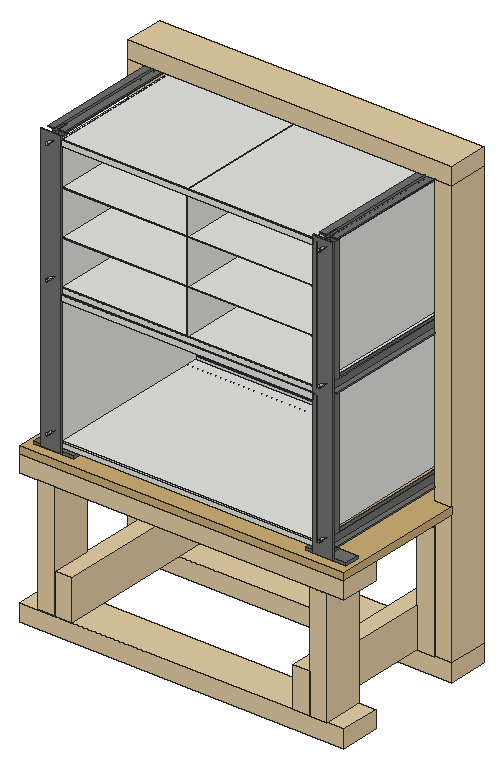
Revit family "Mailboxes_Aluminum-Data_Distribution_System-Salsbury_Industries-2_Unit_High_Wall_Installation", category Specialty Equipment, host Wall, Revit 2016 (continued)
Definition of nested family "Data Distribution Mailbox Units"
  Types (5): name | Void 2 Offset | Void 1 Offset | Visible | Top Inner Divider | Rear Overhang | Model | Horizontal Dividers 1 and 3 | Horizontal Dividers | Door Location D8 | Door Location D7 | Door Location D6 | Door Location D5 | Door Location D4 | Door Location D3 | Door Location D2 | Door Location D1 | Divider 3 | Description
    2406 | 6.200" | 6.200" | yes | no | yes | "2406" | yes | no | Data Distribution #1,2,3 Doors : None | Data Distribution #1,2,3 Doors : None | Data Distribution #1,2,3 Doors : #1 Door | Data Distribution #1,2,3 Doors : #1 Door | Data Distribution #1,2,3 Doors : #1 Door | Data Distribution #1,2,3 Doors : #1 Door | Data Distribution #1,2,3 Doors : #1 Door | Data Distribution #1,2,3 Doors : #1 Door | yes | "Data Distribution System - (6) #1 Doors"
  Reference planes (in)
    plane 1 "Center (Front/Back)": y = 0
    plane 2 "Bottom": z = 0
    plane 3 "Center (Left/Right)": x = 0
    plane 4 "Left": x = -11.625
    plane 5 "Right": x = 11.625
    plane 6 "Front": y = -7.75
    plane 7 "Back": y = 7.75
    plane 8 "Vertical Center": z = 6.094
    plane 9 "Top": z = 12.188
    plane 10: y = -7.625
    plane 11 "Door Align-Back of Door": y = -7.09375
    plane 12 "Back Edge of Top Trim": y = -6.21875
    plane 13 "Front Edge of Side Panels": y = -6.8125
    plane 14 "Back Edge of Side Panels": y = 7.625
    plane 15: y = -7.563
    plane 16: y = -7.063
    plane 17 "Back Edge of Bottom Trim": y = -6.1255
    plane 18: z = 0.125
    plane 19: z = 0.0625
    plane 20 "Bottom Trim Height": z = 0.25
    plane 21 "Top Trim Height": z = 11.8755
    plane 22: z = 12.03175
    plane 23: z = 12.063
    plane 24 "Right Side Trim Alignment-Top and Bottom Trim": x = 11.25
    plane 25 "Inner Right Side of Trim": x = 11.09375
    plane 26 "Right Wall of Enclsosure": x = 11.0625
    plane 27: y = -7.5
    plane 28: y = -7.375
    plane 29 "Back Edge of Side Trim": y = -6.3125
    plane 30 "Left Side Trim Alignment-Top and Bottom Trim": x = -11.25
    plane 31 "Trop Trim Extrusion Line": y = -7.53125
    plane 32 "Left Wall of Enclosure": x = -11.0935
    plane 33 "Top Inner Trim": z = 11.7505
    plane 34: z = -0.249
    plane 35: z = 0
    plane 36: x = -11.59375
    plane 37: x = 11.625
    plane 38 "Door Divider 3": x = 0.0005
    plane 39 "Void 1": z = 6.063
    plane 40 "Void 2 Offset": y = 13.825
    plane 41 "Bottom Compartment Section-Top Plate": z = 5.907
    plane 42 "Door Divider Offset Align": x = 11.09375
    plane 43 "Void 1 Offset": z = -0.137
    plane 44 "Void 2": y = 7.625
    plane 45 "Row 2 Divider": z = 6.188
    plane 46 "Vertical Center of Back Enclosure": z = 6.063
    plane 47 "Door Align - Row 3": z = 0.5
    plane 48 "Door Align - Row 2a": z = 6.438
    plane 49 "Vertical Door Align 6": x = 11.0625
    plane 50 "OffSet Divider Line": x = -11.0935
    plane 51 "Back of Doors": y = -7.2495
    plane 52 "Row 3 Divider": z = 4.188
    plane 53 "Door Align - Row 2": z = 4.438
    plane 54 "Row 1 Divider": z = 8.126
    plane 55 "Door Align - Row 1": z = 8.376
    plane 56: z = 11.84425
    plane 57: x = -0.03125
    plane 58: y = 7.5625
    plane 59: y = 6.6875
    plane 60: y = 6.625
    plane 61: z = 0.1875
    plane 62: z = 0.0625
    plane 63: z = 11.84425
    plane 64: z = 11.81325
    plane 65: z = 11.41742
    plane 66: z = 11.38642
    plane 67: y = 7.656
    plane 68: y = 7.719
    plane 69: y = 7.594
    plane 70: x = 11.406
    plane 71: x = -11.3745
    plane 72: z = 11.6255
    plane 73: x = -11.06225
    plane 74: z = 7.876
    plane 75: z = 5.68825
    plane 76: z = 5.93825
    plane 77: z = 6.12525
    plane 78: z = 3.938
    plane 79: y = 7.719
    plane 80: y = 7.656
    plane 81: z = 5.876
    plane 82: z = 5.469
    plane 83: z = 5.438
    plane 84: z = 11.84425
    plane 85: z = 0.28125
    plane 86: x = 0.031
    plane 87: z = 8.095
    plane 88: z = 4.157
    plane 89: z = 5.907
    plane 90: z = 6.219
    plane 91: z = 5.938
    plane 92: y = 6.625
    plane 93: x = 11.03125
  Forms (in)
    Extrusion 1, solid, material <- "Trim Material", visible <- "Visible"
      sketch origin (0, 0, 0) x (0, 1, 0) y (0, 0, 1)
        loop
          line (-7.75, 11.8755) -> (-6.21875, 11.8755) -> (-6.21875, 12.03175) -> (-7.09375, 12.03175) -> (-7.09375, 12.063) -> (-7.625, 12.063) -> (-7.625, 12.188) -> (-7.75, 12.188) -> (-7.75, 11.8755)
      from -11.25 to 11.25
    Extrusion 2, solid, material <- "Trim Material", visible <- "Visible"
      sketch origin (0, 0, 0) x (0, 1, 0) y (0, 0, 1)
        loop
          line (-6.1255, 0.25) -> (-7.75, 0.25) -> (-7.75, 0.125) -> (-7.563, 0.125) -> (-7.563, 0) -> (-7.063, 0) -> (-7.063, 0.0625) -> (-6.1255, 0.0625) -> (-6.1255, 0.25)
      from -11.625 to 11.625
    Extrusion 3, solid, material <- "Trim Material", visible <- "Visible"
      sketch origin (0, 0, 6.094) x (0, -1, 0) y (1, 0, 0)
        loop
          line (7.5, 11.625) -> (7.375, 11.625) -> (7.375, 11.25) -> (6.3125, 11.25) -> (6.3125, 11.09375) -> (7.75, 11.09375) -> (7.75, 11.25) -> (7.5, 11.25) -> (7.5, 11.625)
      from -5.844 to 5.7815
    Extrusion 4, void
      sketch origin (0, 0, 0) x (1, 0, 0) y (0, 1, 0)
        loop
          line (11.625, -7.75) -> (11.625, -7.5) -> (11.25, -7.5) -> (11.25, -7.75) -> (11.625, -7.75)
      from 0 to 0.25
    Extrusion 5, solid, material <- "Trim Material", visible <- "Visible"
      sketch origin (0, 0, 6.094) x (0, -1, 0) y (1, 0, 0)
        loop
          line (7.5, -11.625) -> (7.5, -11.25) -> (7.75, -11.25) -> (7.75, -11.0935) -> (6.3125, -11.0935) -> (6.3125, -11.25) -> (7.375, -11.25) -> (7.375, -11.625) -> (7.5, -11.625)
      from -5.844 to 5.7815
    Extrusion 6, void
      sketch origin (0, 0, 0) x (-1, 0, 0) y (0, -1, 0)
        loop
          line (11.625, 7.75) -> (11.25, 7.75) -> (11.25, 7.5) -> (11.625, 7.5) -> (11.625, 7.75)
      from 0 to 0.25
    Extrusion 7, void
      sketch origin (0, 0, 0) x (0, 1, 0) y (0, 0, 1)
        loop
          line (-7.75, 11.8755) -> (-7.53125, 11.8755) -> (-7.53125, 12.03175) -> (-7.75, 12.03175) -> (-7.75, 11.8755)
      from -11.0935 to 11.09375
    Sweep 8, solid, material <- "Back Enclosure Material", visible <- "Visible"
      path origin (0, 0, 0) x (1, 0, 0) y (0, 0, 1)
        loop
          line (-11.0935, 11.8755) -> (-11.0935, 0.25) -> (11.0625, 0.25) -> (11.0625, 11.8755) -> (-11.0935, 11.8755)
      profile origin (-0.0155, 0, 11.8755) x (0, 0, 1) y (0, -1, 0)
        loop
          line (0, 7.09375) -> (-0.03125, 7.09375) -> (-0.03125, -7.625) -> (0, -7.625) -> (0, 7.09375)
    Extrusion 9, solid, material <- "Back Enclosure Material", visible <- "Rear Overhang"
      sketch origin (0, 0, 0) x (0, 1, 0) y (0, 0, 1)
        loop
          line (7.625, 11.8755) -> (7.625, 11.84425) -> (7.719, 11.84425) -> (7.719, 11.41742) -> (7.656, 11.41742) -> (7.656, 11.81325) -> (7.625, 11.81325) -> (7.625, 11.38642) -> (7.75, 11.38642) -> (7.75, 11.8755) -> (7.625, 11.8755)
      from -11.0935 to 11.03125
    Extrusion 10, solid, material <- "Back Enclosure Material", visible <- "Visible"
      sketch origin (0, 0, 0) x (0, 1, 0) y (0, 0, 1)
        loop
          line (7.625, 0.25) -> (6.625, 0.25) -> (6.625, 0.0625) -> (6.6875, 0.0625) -> (6.6875, 0.1875) -> (7.5625, 0.1875) -> (7.5625, -0.249) -> (7.625, -0.249) -> (7.625, 0.25)
      from -11.59375 to 11.625
    Extrusion 11, void
      sketch origin (0, 0, -0.137) x (0, -1, 0) y (1, 0, 0)
        loop
          line (-7.625, -11.0935) -> (7.563, -11.0935) -> (7.563, 11.09375) -> (-7.625, 11.09375) -> (-7.625, -11.0935)
      from -0.125 to 0.125
    Extrusion 12, void
      sketch origin (0, 13.825, 0) x (0, 0, -1) y (1, 0, 0)
        loop
          line (-6.438, 11.406) -> (-6.438, 11.0625) -> (-5.907, 11.0625) -> (-5.907, 11.406) -> (-6.438, 11.406)
        loop
          line (-6.438, -11.0935) -> (-6.438, -11.375) -> (-5.907, -11.375) -> (-5.907, -11.0935) -> (-6.438, -11.0935)
      from 0 to 0.031
    Extrusion 13, solid, material <- "Back Enclosure Material", visible <- "Horizontal Dividers"
      sketch origin (0, 0, -5.8595) x (0, 1, 0) y (0, 0, 1)
        loop
          line (7.625, 11.79775) -> (7.625, 12.0475) -> (7.594, 12.0475) -> (7.594, 11.7665) -> (7.719, 11.7665) -> (7.719, 11.3285) -> (7.656, 11.3285) -> (7.656, 11.7355) -> (7.625, 11.7355) -> (7.625, 11.2975) -> (7.75, 11.2975) -> (7.75, 11.79775) -> (7.625, 11.79775)
      from -11.0935 to 11.03125
    Extrusion 14, solid, material <- "Back Enclosure Material", visible <- "Horizontal Dividers"
      sketch origin (0, 0, 5.907) x (1, 0, 0) y (0, 1, 0)
        loop
          line (-11.06225, 7.625) -> (-11.06225, -7.09375) -> (11.09375, -7.09375) -> (11.09375, 7.625) -> (-11.06225, 7.625)
      from 0 to 0.031
    Extrusion 15, solid, material <- "Back Enclosure Material", visible <- "Horizontal Dividers"
      sketch origin (0, 0, 6.219) x (1, 0, 0) y (0, 1, 0)
        loop
          line (-11.06225, 7.625) -> (-11.06225, -7.09375) -> (11.03125, -7.09375) -> (11.03125, 7.625) -> (-11.06225, 7.625)
      from 0 to -0.031
    Extrusion 16, solid, material <- "Trim Material", visible <- "Horizontal Dividers"
      sketch origin (0, 0, 0) x (0, 1, 0) y (0, 0, 1)
        loop
          line (-6.3125, 5.93825) -> (-6.3125, 6.188) -> (-7.75, 6.188) -> (-7.75, 6.12525) -> (-7.53125, 6.12525) -> (-7.53125, 5.93825) -> (-6.3125, 5.93825)
      from -11.0935 to 11.09375
    Extrusion 17, solid, material <- "Back Enclosure Material", visible <- "Divider 3"
      sketch origin (0.0005, 0, 0) x (0, 0, -1) y (0, -1, 0)
        loop
          line (-11.84425, 7.09375) -> (-11.84425, -7.625) -> (-0.28125, -7.625) -> (-0.28125, 7.09375) -> (-11.84425, 7.09375)
      from 0.03175 to -0.0305
    Extrusion 18, solid, material <- "Back Enclosure Material", visible <- "Visible"
      sketch origin (11.09375, 0, 0) x (0, -1, 0) y (0, 0, 1)
        loop
          line (-7.594, 11.8755) -> (-7.625, 11.8755) -> (-7.625, 0.25) -> (-7.594, 0.25) -> (-7.594, 11.8755)
      from -0.31225 to 0.03125
    Extrusion 19, solid, visible <- "Visible"
      sketch origin (-11.0935, 0, 0) x (0, 0, -1) y (0, -1, 0)
        loop
          line (-11.8755, -7.594) -> (-11.8755, -7.625) -> (-0.25, -7.625) -> (-0.25, -7.594) -> (-11.8755, -7.594)
      from 0.281 to 0
    Extrusion 20, solid, material <- "Front Panel Material", visible <- "Visible"
      sketch origin (0, 0, 0.25) x (0, -1, 0) y (1, 0, 0)
        loop
          line (7.09375, -11.0935) -> (7.75, -11.0935) -> (7.75, 11.09375) -> (7.09375, 11.09375) -> (7.09375, -11.0935)
      from 0 to 0.25
    Extrusion 21, solid, material <- "Front Panel Material", visible <- "Horizontal Dividers"
      sketch origin (0, 0, 6.188) x (0, -1, 0) y (1, 0, 0)
        loop
          line (7.09375, -11.0935) -> (7.75, -11.0935) -> (7.75, 11.09375) -> (7.09375, 11.09375) -> (7.09375, -11.0935)
      from 0 to 0.25
    Extrusion 22, solid, material <- "Front Panel Material", visible <- "Visible"
      sketch origin (0, -7.09375, 0.03125) x (0, 0, -1) y (1, 0, 0)
        loop
          line (-11.84425, -11.06225) -> (-11.59425, -11.06225) -> (-11.59425, 11.0625) -> (-11.84425, 11.0625) -> (-11.84425, -11.06225)
      from 0 to 0.15575
    Extrusion 23, solid, material <- "Front Panel Material", visible <- "Horizontal Dividers"
      sketch origin (0, -7.09375, -5.906) x (0, 0, -1) y (1, 0, 0)
        loop
          line (-11.84425, -11.06225) -> (-11.59425, -11.06225) -> (-11.59425, 11.0625) -> (-11.84425, 11.0625) -> (-11.84425, -11.06225)
      from 0 to 0.15575
    Extrusion 24, solid, material <- "Front Panel Material", visible <- "Top Inner Divider"
      sketch origin (0, 0, 11.7505) x (1, 0, 0) y (0, 1, 0)
        loop
          line (-11.0935, -7.09375) -> (-11.0935, -7.75) -> (11.09375, -7.75) -> (11.09375, -7.09375) -> (-11.0935, -7.09375)
      from 0.28125 to 0.125
    Extrusion 25, solid, material <- "Front Panel Material", visible <- "Horizontal Dividers 1 and 3"
      sketch origin (0, 0, 4.188) x (0, -1, 0) y (1, 0, 0)
        loop
          line (7.09375, -11.0935) -> (7.75, -11.0935) -> (7.75, 11.09375) -> (7.09375, 11.09375) -> (7.09375, -11.0935)
      from 0.25 to 0
    Extrusion 26, solid, material <- "Front Panel Material", visible <- "Horizontal Dividers 1 and 3"
      sketch origin (0, -7.09375, -7.65625) x (0, 0, -1) y (1, 0, 0)
        loop
          line (-11.84425, -11.06225) -> (-11.59425, -11.06225) -> (-11.59425, 11.0625) -> (-11.84425, 11.0625) -> (-11.84425, -11.06225)
      from 0 to 0.15575
    Extrusion 27, solid, material <- "Front Panel Material", visible <- "Horizontal Dividers 1 and 3"
      sketch origin (0, -7.09375, -3.71825) x (0, 0, -1) y (1, 0, 0)
        loop
          line (-11.84425, -11.06225) -> (-11.59425, -11.06225) -> (-11.59425, 11.0625) -> (-11.84425, 11.0625) -> (-11.84425, -11.06225)
      from 0 to 0.15575
    Extrusion 28, solid, material <- "Front Panel Material", visible <- "Horizontal Dividers 1 and 3"
      sketch origin (0, 0, 8.126) x (0, -1, 0) y (1, 0, 0)
        loop
          line (7.09375, -11.0935) -> (7.75, -11.0935) -> (7.75, 11.09375) -> (7.09375, 11.09375) -> (7.09375, -11.0935)
      from 0.25 to 0
    Extrusion 29, solid, material <- "Back Enclosure Material", visible <- "Horizontal Dividers 1 and 3"
      sketch origin (0, 0, 8.126) x (0, -1, 0) y (1, 0, 0)
        loop
          line (-7.625, -11.06225) -> (7.09375, -11.06225) -> (7.09375, 11.03125) -> (-7.625, 11.03125) -> (-7.625, -11.06225)
      from 0 to -0.031
    Extrusion 30, solid, material <- "Back Enclosure Material", visible <- "Horizontal Dividers 1 and 3"
      sketch origin (0, 0, 4.188) x (0, -1, 0) y (1, 0, 0)
        loop
          line (-7.625, -11.06225) -> (7.09375, -11.06225) -> (7.09375, 11.03125) -> (-7.625, 11.03125) -> (-7.625, -11.06225)
      from 0 to -0.031
  Cuts and joins
    Extrusion 4, Extrusion 7 cuts Extrusion 1
    Extrusion 4, Extrusion 6 cuts Extrusion 2
    Extrusion 4, Extrusion 7 cuts Extrusion 3
    Extrusion 11, Extrusion 12 cuts Sweep 8
    Extrusion 11 cuts Extrusion 17
    Extrusion 12 cuts Extrusion 18
    Extrusion 12 cuts Extrusion 19
  Lines and regions (in)
    symbolic lines
      curve 1: line (-11.25, -7.2495, 12.188) -> (11.25, -7.2495, 12.188)
      curve 2: line (-11.25, -7.2495, 11.8755) -> (-11.25, -7.2495, 12.188)
      curve 3: line (11.25, -7.2495, 11.8755) -> (-11.25, -7.2495, 11.8755)
      curve 4: line (11.25, -7.2495, 12.188) -> (11.25, -7.2495, 11.8755)
      curve 5: line (-11.625, -7.2495, 11.8755) -> (-11.25, -7.2495, 11.8755)
      curve 6: line (-11.625, -7.2495, 0) -> (-11.625, -7.2495, 11.8755)
      curve 7: line (-11.0935, -7.2495, 0) -> (-11.625, -7.2495, 0)
      curve 8: line (-11.0935, -7.2495, 11.8755) -> (-11.0935, -7.2495, 0)
      curve 9: line (11.25, -7.2495, 11.8755) -> (11.625, -7.2495, 11.8755)
      curve 10: line (11.09375, -7.2495, 0.25) -> (11.09375, -7.2495, 11.8755)
      curve 11: line (11.625, -7.2495, 0.25) -> (11.09375, -7.2495, 0.25)
      curve 12: line (11.625, -7.2495, 11.8755) -> (11.625, -7.2495, 0.25)
      curve 13: line (-11.0935, -7.2495, 0.25) -> (11.09375, -7.2495, 0.25)
      curve 14: line (-11.625, -7.2495, 0) -> (-11.625, -7.2495, 0.25)
      curve 15: line (11.625, -7.2495, 0) -> (-11.625, -7.2495, 0)
      curve 16: line (11.625, -7.2495, 0.25) -> (11.625, -7.2495, 0)
      curve 17: line (-11.0935, 7.75, 0.25) -> (11.09375, 7.75, 0.25)
      curve 18: line (-11.0935, -6.21875, 0.25) -> (-11.0935, 7.75, 0.25)
      curve 19: line (11.09375, 7.75, 0.25) -> (11.09375, -6.21875, 0.25)
      curve 20: line (-11.25, -6.21875, 0.25) -> (11.25, -6.21875, 0.25)
      curve 21: line (-11.25, -7.75, 0.25) -> (-11.25, -6.21875, 0.25)
      curve 22: line (11.25, -7.75, 0.25) -> (-11.25, -7.75, 0.25)
      curve 23: line (11.25, -6.21875, 0.25) -> (11.25, -7.75, 0.25)
      curve 24: line (11.09375, 7.625, 0.25) -> (11.625, 7.625, 0.25)
      curve 25: line (11.625, 6.625, 0.25) -> (11.09375, 6.625, 0.25)
      curve 26: line (11.625, 7.625, 0.25) -> (11.625, 6.625, 0.25)
      curve 27: line (-11.59375, 7.625, 0.25) -> (-11.0935, 7.625, 0.25)
      curve 28: line (-11.59375, 6.625, 0.25) -> (-11.59375, 7.625, 0.25)
      curve 29: line (-11.0935, 6.625, 0.25) -> (-11.59375, 6.625, 0.25)
      curve 30: line (11.09375, -6.1255, 0.25) -> (11.625, -6.1255, 0.25)
      curve 31: line (11.625, -7.5, 0.25) -> (11.25, -7.5, 0.25)
      curve 32: line (11.625, -6.1255, 0.25) -> (11.625, -7.5, 0.25)
      curve 33: line (-11.625, -6.1255, 0.25) -> (-11.0935, -6.1255, 0.25)
      curve 34: line (-11.625, -7.5, 0.25) -> (-11.625, -6.1255, 0.25)
      curve 35: line (-11.25, -7.5, 0.25) -> (-11.625, -7.5, 0.25)
      curve 36: line (0.0005, -6.21875, 11.8755) -> (0.0005, 7.625, 11.8755)
      curve 37: line (0.0005, -6.21875, 0.25) -> (0.0005, -6.21875, 11.8755)
      curve 38: line (0.0005, 7.625, 0.25) -> (0.0005, -6.21875, 0.25)
      curve 39: line (0.0005, 7.625, 11.8755) -> (0.0005, 7.625, 0.25)
      curve 40: line (0.0005, -7.75, 12.188) -> (0.0005, -7.75, 0.125)
      curve 41: line (0.0005, -7.75, 12.188) -> (0.0005, -7.625, 12.188)
      curve 42: line (0.0005, -7.625, 12.188) -> (0.0005, -7.625, 12.063)
      curve 43: line (0.0005, -7.625, 12.063) -> (0.0005, -7.09375, 12.063)
      curve 44: line (0.0005, -7.09375, 12.063) -> (0.0005, -7.09375, 12.03175)
      curve 45: line (0.0005, -7.09375, 12.03175) -> (0.0005, -6.21875, 12.03175)
      curve 46: line (0.0005, -6.21875, 12.03175) -> (0.0005, -6.21875, 11.8755)
      curve 47: line (0.0005, -7.75, 0.125) -> (0.0005, -7.563, 0.125)
      curve 48: line (0.0005, -7.563, 0.125) -> (0.0005, -7.563, 0)
      curve 49: line (0.0005, -7.563, 0) -> (0.0005, -7.063, 0)
      curve 50: line (0.0005, -7.063, 0) -> (0.0005, -7.063, 0.0625)
      curve 51: line (0.0005, -7.063, 0.0625) -> (0.0005, -6.1255, 0.0625)
      curve 52: line (0.0005, -6.1255, 0.0625) -> (0.0005, -6.1255, 0.25)
  Dimensions and locks (in)
    plane 6 "Front" to plane 1 "Center (Front/Back)" to plane 7 "Back" = 7.750", 7.750"
    "Depth": plane 6 "Front" to plane 7 "Back"
    equal spacing: plane 4 "Left", plane 3 "Center (Left/Right)", plane 5 "Right"
    "Width": plane 4 "Left" to plane 5 "Right"
    equal spacing: plane 9 "Top", plane 8 "Vertical Center", plane 2 "Bottom"
    "Height": plane 9 "Top" to plane 2 "Bottom"
    plane 6 "Front" to plane 10 to plane 11 "Door Align-Back of Door" to plane 12 "Back Edge of Top Trim" = 0.125", 0.53125", 0.875"
    plane 14 "Back Edge of Side Panels" to plane 7 "Back" = 0.125"
    plane 6 "Front" to plane 13 "Front Edge of Side Panels" = 0.9375"
    plane 6 "Front" to plane 15 to plane 16 to plane 17 "Back Edge of Bottom Trim" = 0.187", 0.500", 0.9375"
    plane 18 to plane 2 "Bottom" = 0.125"
    plane 19 to plane 2 "Bottom" = 0.0625"
    plane 20 "Bottom Trim Height" to plane 2 "Bottom" = 0.250"
    plane 9 "Top" to plane 21 "Top Trim Height" = 0.3125"
    plane 22 to plane 9 "Top" = 0.15625"
    plane 23 to plane 9 "Top" = 0.125"
    plane 25 "Inner Right Side of Trim" to plane 24 "Right Side Trim Alignment-Top and Bottom Trim" to plane 5 "Right" = 0.15625", 0.375"
    plane 6 "Front" to plane 27 to plane 28 = 0.250", 0.125"
    plane 6 "Front" to plane 29 "Back Edge of Side Trim" = 1.4375"
    plane 4 "Left" to plane 30 "Left Side Trim Alignment-Top and Bottom Trim" = 0.375"
    Extrusion 3 to plane 5 "Right" = 0.375"
    plane 6 "Front" to plane 31 "Trop Trim Extrusion Line" = 0.21875"
    plane 33 "Top Inner Trim" to plane 21 "Top Trim Height" = 0.125"
    plane 34 to plane 35 to plane 20 "Bottom Trim Height" = 0.249", 0.250"
    plane 8 "Vertical Center" to plane 39 "Void 1" = 0.031"
    "Void 2 Offset": plane 14 "Back Edge of Side Panels" to plane 40 "Void 2 Offset"
    plane 32 "Left Wall of Enclosure" to plane 38 "Door Divider 3" = 11.094"
    plane 32 "Left Wall of Enclosure" to plane 26 "Right Wall of Enclsosure" = 22.156"
    "Void 1 Offset": plane 43 "Void 1 Offset" to plane 39 "Void 1"
    plane 45 "Row 2 Divider" to plane 8 "Vertical Center" = 0.094"
    plane 41 "Bottom Compartment Section-Top Plate" to plane 8 "Vertical Center" to plane 45 "Row 2 Divider" = 0.187", 0.094"
    plane 53 "Door Align - Row 2" to plane 52 "Row 3 Divider" = 0.250"
    plane 55 "Door Align - Row 1" to plane 54 "Row 1 Divider" to plane 87 = 0.250", 0.031"
    plane 56 to plane 21 "Top Trim Height" = 0.03125"
    plane 86 to plane 3 "Center (Left/Right)" to plane 57 = 0.031", 0.03125" locked
    plane 60 to plane 59 to plane 58 to plane 14 "Back Edge of Side Panels" = 0.0625", 0.875", 0.0625"
    plane 34 to plane 62 to plane 61 = 0.3115", 0.125"
    plane 66 to plane 65 to plane 64 to plane 63 to plane 21 "Top Trim Height" = 0.031", 0.39583", 0.031", 0.03125"
    plane 14 "Back Edge of Side Panels" to plane 67 to plane 68 to plane 7 "Back" = 0.031", 0.063", 0.031"
    plane 69 to plane 14 "Back Edge of Side Panels" = 0.031"
    plane 21 "Top Trim Height" to plane 72 = 0.250"
    plane 54 "Row 1 Divider" to plane 74 = 0.250"
    plane 46 "Vertical Center of Back Enclosure" to plane 76 to plane 75 = 0.12475", 0.250"
    plane 45 "Row 2 Divider" to plane 77 = 0.06275"
    plane 52 "Row 3 Divider" to plane 78 = 0.250"
    plane 44 "Void 2" to plane 80 to plane 79 to plane 7 "Back" = 0.031", 0.063", 0.031"
    plane 83 to plane 82 to plane 81 to plane 41 "Bottom Compartment Section-Top Plate" = 0.031", 0.407", 0.031"
    plane 84 to plane 21 "Top Trim Height" = 0.03125"
    plane 20 "Bottom Trim Height" to plane 85 = 0.03125"
    plane 76 to plane 41 "Bottom Compartment Section-Top Plate" = 0.03125"
    plane 90 to plane 45 "Row 2 Divider" = 0.031"
    plane 91 to plane 89 = 0.031"
    plane 92 to plane 7 "Back" = 1.125"
    plane 32 "Left Wall of Enclosure" to plane 73 = 0.03125"
    plane 93 to plane 26 "Right Wall of Enclsosure" = 0.03125"
    aligned and locked: plane 2 "Bottom" to level
    aligned and locked: Extrusion 16 to plane 25 "Inner Right Side of Trim"
    aligned and locked: plane 32 "Left Wall of Enclosure" to Extrusion 13
    aligned and locked: plane 32 "Left Wall of Enclosure" to Extrusion 9
    aligned and locked: nested 3 to plane 47 "Door Align - Row 3"
    aligned and locked: nested 2 to plane 47 "Door Align - Row 3"
    aligned and locked: nested 5 to plane 48 "Door Align - Row 2a"
    aligned and locked: nested 6 to plane 48 "Door Align - Row 2a"
    aligned and locked: nested 9 to plane 48 "Door Align - Row 2a"
    aligned and locked: Extrusion 5 to plane 50 "OffSet Divider Line"
    aligned and locked: Extrusion 10 to plane 19
    aligned and locked: plane 50 "OffSet Divider Line" to Extrusion 16
    aligned and locked: plane 51 "Back of Doors" to Extrusion 22
    aligned and locked: plane 51 "Back of Doors" to nested 3
    aligned and locked: nested 3 to plane 26 "Right Wall of Enclsosure"
    aligned and locked: nested 7 to plane 26 "Right Wall of Enclsosure"
    aligned and locked: plane 51 "Back of Doors" to nested 6
    aligned and locked: plane 51 "Back of Doors" to nested 2
    aligned and locked: plane 51 "Back of Doors" to nested 9
    aligned and locked: nested 8 to plane 53 "Door Align - Row 2"
    aligned and locked: nested 7 to plane 53 "Door Align - Row 2"
    aligned and locked: plane 51 "Back of Doors" to nested 8
    aligned and locked: plane 51 "Back of Doors" to nested 7
    aligned and locked: nested 4 to plane 26 "Right Wall of Enclsosure"
    aligned and locked: nested 4 to plane 55 "Door Align - Row 1"
    aligned and locked: nested 1 to plane 55 "Door Align - Row 1"
    aligned and locked: plane 51 "Back of Doors" to nested 4
    aligned and locked: plane 51 "Back of Doors" to nested 1
    aligned and locked: plane 26 "Right Wall of Enclsosure" to nested 9
    aligned and locked: plane 21 "Top Trim Height" to Sweep 8 sketch curve  (x2)
    aligned and locked: Sweep 8 sketch curve to plane 20 "Bottom Trim Height"
    aligned and locked: Sweep 8 sketch curve to plane 32 "Left Wall of Enclosure"
    aligned and locked: Sweep 8 sketch curve to plane 11 "Door Align-Back of Door"
    aligned and locked: plane 14 "Back Edge of Side Panels" to Sweep 8 sketch curve
    aligned and locked: plane 56 to Sweep 8 sketch curve
    aligned and locked: Extrusion 1 sketch curve to plane 21 "Top Trim Height"
    aligned and locked: plane 12 "Back Edge of Top Trim" to Extrusion 1 sketch curve
    aligned and locked: plane 22 to Extrusion 1 sketch curve
    aligned and locked: plane 11 "Door Align-Back of Door" to Extrusion 1 sketch curve
    aligned and locked: plane 23 to Extrusion 1 sketch curve
    aligned and locked: plane 10 to Extrusion 1 sketch curve
    aligned and locked: Extrusion 1 sketch curve to plane 9 "Top"
    aligned and locked: Extrusion 1 sketch curve to plane 6 "Front"
    aligned and locked: cut or joined group of Extrusion 1, Extrusion 4, Extrusion 7 to plane 24 "Right Side Trim Alignment-Top and Bottom Trim"
    aligned and locked: plane 30 "Left Side Trim Alignment-Top and Bottom Trim" to cut or joined group of Extrusion 1, Extrusion 4, Extrusion 7
    aligned and locked: Extrusion 3 sketch curve to plane 25 "Inner Right Side of Trim"
    aligned and locked: plane 6 "Front" to Extrusion 3 sketch curve
    aligned and locked: plane 24 "Right Side Trim Alignment-Top and Bottom Trim" to Extrusion 3 sketch curve  (x2)
    aligned and locked: Extrusion 3 sketch curve to plane 27
    aligned and locked: Extrusion 3 sketch curve to plane 5 "Right"
    aligned and locked: Extrusion 3 sketch curve to plane 28
    aligned and locked: plane 29 "Back Edge of Side Trim" to Extrusion 3 sketch curve
    aligned and locked: cut or joined group of Extrusion 3, Extrusion 4, Extrusion 7 to plane 21 "Top Trim Height"
    aligned and locked: plane 20 "Bottom Trim Height" to cut or joined group of Extrusion 3, Extrusion 4, Extrusion 7
    aligned and locked: Extrusion 5 sketch curve to plane 32 "Left Wall of Enclosure"
    aligned and locked: plane 29 "Back Edge of Side Trim" to Extrusion 5 sketch curve
    aligned and locked: plane 30 "Left Side Trim Alignment-Top and Bottom Trim" to Extrusion 5 sketch curve  (x2)
    aligned and locked: Extrusion 5 sketch curve to plane 28
    aligned and locked: Extrusion 5 sketch curve to plane 4 "Left"
    aligned and locked: plane 27 to Extrusion 5 sketch curve
    aligned and locked: Extrusion 5 sketch curve to plane 6 "Front"
    aligned and locked: plane 20 "Bottom Trim Height" to Extrusion 5
    aligned and locked: Extrusion 5 to plane 21 "Top Trim Height"
    aligned and locked: Extrusion 2 sketch curve to plane 20 "Bottom Trim Height"
    aligned and locked: Extrusion 2 sketch curve to plane 6 "Front"
    aligned and locked: plane 18 to Extrusion 2 sketch curve
    aligned and locked: Extrusion 2 sketch curve to plane 15
    aligned and locked: Extrusion 2 sketch curve to plane 2 "Bottom"
    aligned and locked: Extrusion 2 sketch curve to plane 16
    aligned and locked: Extrusion 2 sketch curve to plane 19
    aligned and locked: Extrusion 2 sketch curve to plane 17 "Back Edge of Bottom Trim"
    aligned and locked: plane 4 "Left" to cut or joined group of Extrusion 2, Extrusion 4, Extrusion 6
    aligned and locked: cut or joined group of Extrusion 2, Extrusion 4, Extrusion 6 to plane 5 "Right"
    aligned and locked: plane 57 to nested 1
    aligned and locked: plane 57 to nested 8
    aligned and locked: plane 58 to Extrusion 10 sketch curve
    aligned and locked: Extrusion 10 sketch curve to plane 34
    aligned and locked: plane 14 "Back Edge of Side Panels" to Extrusion 10 sketch curve
    aligned and locked: Extrusion 10 sketch curve to plane 20 "Bottom Trim Height"
    aligned and locked: plane 60 to Extrusion 10 sketch curve
    aligned and locked: plane 59 to Extrusion 10 sketch curve
    aligned and locked: plane 61 to Extrusion 10 sketch curve
    aligned and locked: plane 62 to Extrusion 10 sketch curve
    aligned and locked: Extrusion 10 to plane 5 "Right"
    aligned and locked: Extrusion 10 to plane 36
    aligned and locked: plane 66 to Extrusion 9 sketch curve
    aligned and locked: plane 65 to Extrusion 9 sketch curve
    aligned and locked: plane 64 to Extrusion 9 sketch curve
    aligned and locked: plane 63 to Extrusion 9 sketch curve
    aligned and locked: plane 67 to Extrusion 9 sketch curve
    aligned and locked: plane 14 "Back Edge of Side Panels" to Extrusion 9 sketch curve
    aligned and locked: plane 68 to Extrusion 9 sketch curve
    aligned and locked: plane 21 "Top Trim Height" to Extrusion 9 sketch curve
    aligned and locked: plane 7 "Back" to Extrusion 9 sketch curve
    aligned and locked: Extrusion 18 sketch curve to plane 20 "Bottom Trim Height"
    aligned and locked: plane 14 "Back Edge of Side Panels" to Extrusion 18 sketch curve
    aligned and locked: Extrusion 18 sketch curve to plane 69
    aligned and locked: plane 21 "Top Trim Height" to Extrusion 18 sketch curve
    aligned and locked: plane 70 to cut or joined group of Extrusion 12, Extrusion 18
    aligned and locked: plane 21 "Top Trim Height" to Extrusion 19 sketch curve
    aligned and locked: plane 14 "Back Edge of Side Panels" to Extrusion 19 sketch curve
    aligned and locked: Extrusion 19 sketch curve to plane 69
    aligned and locked: Extrusion 19 sketch curve to plane 20 "Bottom Trim Height"
    aligned and locked: cut or joined group of Extrusion 12, Extrusion 19 to plane 32 "Left Wall of Enclosure"
    aligned and locked: plane 71 to cut or joined group of Extrusion 12, Extrusion 19
    aligned and locked: Extrusion 24 sketch curve to plane 6 "Front"
    aligned and locked: plane 11 "Door Align-Back of Door" to Extrusion 24 sketch curve
    aligned and locked: Extrusion 24 sketch curve to plane 32 "Left Wall of Enclosure"
    aligned and locked: plane 25 "Inner Right Side of Trim" to Extrusion 24 sketch curve
    aligned and locked: plane 72 to Extrusion 22 sketch curve
    aligned and locked: Extrusion 22 to plane 11 "Door Align-Back of Door"
    aligned and locked: plane 11 "Door Align-Back of Door" to Extrusion 28 sketch curve
    aligned and locked: Extrusion 28 sketch curve to plane 32 "Left Wall of Enclosure"
    aligned and locked: Extrusion 28 sketch curve to plane 6 "Front"
    aligned and locked: plane 25 "Inner Right Side of Trim" to Extrusion 28 sketch curve
    aligned and locked: Extrusion 22 to plane 26 "Right Wall of Enclsosure"
    aligned and locked: plane 73 to Extrusion 22 sketch curve
    aligned and locked: plane 21 "Top Trim Height" to Extrusion 22 sketch curve
    aligned and locked: plane 26 "Right Wall of Enclsosure" to Extrusion 22 sketch curve
    aligned and locked: plane 73 to Extrusion 27 sketch curve
    aligned and locked: plane 54 "Row 1 Divider" to Extrusion 27 sketch curve
    aligned and locked: plane 26 "Right Wall of Enclsosure" to Extrusion 27 sketch curve
    aligned and locked: plane 74 to Extrusion 27 sketch curve
    aligned and locked: plane 51 "Back of Doors" to Extrusion 27
    aligned and locked: Extrusion 27 to plane 11 "Door Align-Back of Door"
    aligned and locked: plane 11 "Door Align-Back of Door" to Extrusion 21 sketch curve
    aligned and locked: Extrusion 21 sketch curve to plane 6 "Front"
    aligned and locked: Extrusion 21 sketch curve to plane 32 "Left Wall of Enclosure"
    aligned and locked: plane 25 "Inner Right Side of Trim" to Extrusion 21 sketch curve
    aligned and locked: Extrusion 21 to plane 48 "Door Align - Row 2a"
    aligned and locked: plane 45 "Row 2 Divider" to Extrusion 21
    aligned and locked: Extrusion 23 sketch curve to plane 76
    aligned and locked: Extrusion 23 sketch curve to plane 75
    aligned and locked: plane 26 "Right Wall of Enclsosure" to Extrusion 23 sketch curve
    aligned and locked: plane 73 to Extrusion 23 sketch curve
    aligned and locked: plane 76 to Extrusion 16 sketch curve
    aligned and locked: Extrusion 16 sketch curve to plane 29 "Back Edge of Side Trim"
    aligned and locked: Extrusion 16 sketch curve to plane 45 "Row 2 Divider"
    aligned and locked: plane 6 "Front" to Extrusion 16 sketch curve
    aligned and locked: plane 31 "Trop Trim Extrusion Line" to Extrusion 16 sketch curve
    aligned and locked: plane 77 to Extrusion 16 sketch curve
    aligned and locked: Extrusion 23 to plane 11 "Door Align-Back of Door"
    aligned and locked: plane 51 "Back of Doors" to Extrusion 23
    aligned and locked: plane 11 "Door Align-Back of Door" to Extrusion 25 sketch curve
    aligned and locked: Extrusion 25 sketch curve to plane 32 "Left Wall of Enclosure"
    aligned and locked: Extrusion 25 sketch curve to plane 6 "Front"
    aligned and locked: plane 25 "Inner Right Side of Trim" to Extrusion 25 sketch curve
    aligned and locked: Extrusion 25 to plane 53 "Door Align - Row 2"
    aligned and locked: plane 52 "Row 3 Divider" to Extrusion 25
    aligned and locked: plane 52 "Row 3 Divider" to Extrusion 26 sketch curve
    aligned and locked: plane 73 to Extrusion 26 sketch curve
    aligned and locked: plane 26 "Right Wall of Enclsosure" to Extrusion 26 sketch curve
    aligned and locked: plane 78 to Extrusion 26 sketch curve
    aligned and locked: Extrusion 26 to plane 11 "Door Align-Back of Door"
    aligned and locked: plane 51 "Back of Doors" to Extrusion 26
    aligned and locked: plane 11 "Door Align-Back of Door" to Extrusion 20 sketch curve
    aligned and locked: Extrusion 20 sketch curve to plane 6 "Front"
    aligned and locked: Extrusion 20 sketch curve to plane 32 "Left Wall of Enclosure"
    aligned and locked: plane 25 "Inner Right Side of Trim" to Extrusion 20 sketch curve
    aligned and locked: plane 20 "Bottom Trim Height" to Extrusion 20
    aligned and locked: Extrusion 20 to plane 47 "Door Align - Row 3"
    aligned and locked: Extrusion 13 sketch curve to plane 80
    aligned and locked: plane 79 to Extrusion 13 sketch curve
    aligned and locked: plane 7 "Back" to Extrusion 13 sketch curve
    aligned and locked: plane 69 to Extrusion 13 sketch curve
    aligned and locked: Extrusion 13 sketch curve to plane 14 "Back Edge of Side Panels"
    aligned and locked: plane 14 "Back Edge of Side Panels" to Extrusion 13 sketch curve
    aligned and locked: Extrusion 13 sketch curve to plane 45 "Row 2 Divider"
    aligned and locked: plane 76 to Extrusion 13 sketch curve
    aligned and locked: Extrusion 13 sketch curve to plane 41 "Bottom Compartment Section-Top Plate"
    aligned and locked: plane 81 to Extrusion 13 sketch curve
    aligned and locked: plane 82 to Extrusion 13 sketch curve
    aligned and locked: plane 83 to Extrusion 13 sketch curve
    aligned and locked: Extrusion 17 sketch curve to plane 84
    aligned and locked: plane 14 "Back Edge of Side Panels" to Extrusion 17 sketch curve
    aligned and locked: plane 85 to Extrusion 17 sketch curve
    aligned and locked: Extrusion 17 sketch curve to plane 11 "Door Align-Back of Door"
    aligned and locked: plane 57 to cut or joined group of Extrusion 11, Extrusion 17
    aligned and locked: cut or joined group of Extrusion 11, Extrusion 17 to plane 86
    aligned and locked: plane 14 "Back Edge of Side Panels" to Extrusion 29 sketch curve
    aligned and locked: plane 73 to Extrusion 29 sketch curve
    aligned and locked: Extrusion 29 sketch curve to plane 11 "Door Align-Back of Door"
    aligned and locked: Extrusion 29 to plane 54 "Row 1 Divider"
    aligned and locked: Extrusion 29 to plane 87
    aligned and locked: plane 73 to Extrusion 15 sketch curve
    aligned and locked: plane 14 "Back Edge of Side Panels" to Extrusion 15 sketch curve
    aligned and locked: Extrusion 15 sketch curve to plane 11 "Door Align-Back of Door"
    aligned and locked: plane 45 "Row 2 Divider" to Extrusion 15
    aligned and locked: Extrusion 15 to plane 90
    aligned and locked: plane 14 "Back Edge of Side Panels" to Extrusion 14 sketch curve
    aligned and locked: plane 73 to Extrusion 14 sketch curve
    aligned and locked: plane 25 "Inner Right Side of Trim" to Extrusion 14 sketch curve
    aligned and locked: Extrusion 14 sketch curve to plane 11 "Door Align-Back of Door"
    aligned and locked: Extrusion 14 to plane 91
    aligned and locked: Extrusion 14 to plane 89
    aligned and locked: Extrusion 30 sketch curve to plane 11 "Door Align-Back of Door"
    aligned and locked: plane 73 to Extrusion 30 sketch curve
    aligned and locked: plane 14 "Back Edge of Side Panels" to Extrusion 30 sketch curve
    aligned and locked: Extrusion 30 to plane 52 "Row 3 Divider"
    aligned and locked: Extrusion 30 to plane 88
    aligned and locked: nested 6 to plane 73
    aligned and locked: nested 2 to plane 73
    aligned and locked: plane 24 "Right Side Trim Alignment-Top and Bottom Trim" to curve 4
    aligned and locked: plane 9 "Top" to curve 1
    aligned and locked: curve 3 to plane 21 "Top Trim Height"
    aligned and locked: plane 32 "Left Wall of Enclosure" to curve 8
    aligned and locked: plane 2 "Bottom" to curve 7
    aligned and locked: curve 6 to plane 4 "Left"
    aligned and locked: plane 30 "Left Side Trim Alignment-Top and Bottom Trim" to curve 5
    aligned and locked: plane 21 "Top Trim Height" to curve 5
    aligned and locked: curve 11 to plane 20 "Bottom Trim Height"
    aligned and locked: curve 10 to plane 25 "Inner Right Side of Trim"
    aligned and locked: plane 5 "Right" to curve 12
    aligned and locked: plane 21 "Top Trim Height" to curve 10
    aligned and locked: plane 24 "Right Side Trim Alignment-Top and Bottom Trim" to curve 9
    aligned and locked: plane 2 "Bottom" to curve 15
    aligned and locked: plane 20 "Bottom Trim Height" to curve 13
    aligned and locked: plane 5 "Right" to curve 16
    aligned and locked: plane 32 "Left Wall of Enclosure" to curve 13
    aligned and locked: plane 7 "Back" to curve 17
    aligned and locked: curve 18 to plane 32 "Left Wall of Enclosure"
    aligned and locked: plane 25 "Inner Right Side of Trim" to curve 19
    aligned and locked: plane 12 "Back Edge of Top Trim" to curve 20
    aligned and locked: curve 21 to plane 30 "Left Side Trim Alignment-Top and Bottom Trim"
    aligned and locked: curve 22 to plane 6 "Front"
    aligned and locked: plane 24 "Right Side Trim Alignment-Top and Bottom Trim" to curve 23
    aligned and locked: plane 14 "Back Edge of Side Panels" to curve 24
    aligned and locked: plane 5 "Right" to curve 26
    aligned and locked: curve 25 to plane 92
    aligned and locked: plane 14 "Back Edge of Side Panels" to curve 27
    aligned and locked: curve 29 to plane 92
    aligned and locked: plane 36 to curve 28
    aligned and locked: plane 24 "Right Side Trim Alignment-Top and Bottom Trim" to curve 31
    aligned and locked: curve 31 to plane 27
    aligned and locked: plane 5 "Right" to curve 32
    aligned and locked: plane 17 "Back Edge of Bottom Trim" to curve 30
    aligned and locked: plane 30 "Left Side Trim Alignment-Top and Bottom Trim" to curve 35
    aligned and locked: plane 17 "Back Edge of Bottom Trim" to curve 33
    aligned and locked: curve 34 to plane 4 "Left"
    aligned and locked: curve 35 to plane 27
    aligned and locked: curve 38 to plane 20 "Bottom Trim Height"
    aligned and locked: plane 14 "Back Edge of Side Panels" to curve 39
    aligned and locked: plane 21 "Top Trim Height" to curve 36
    aligned and locked: curve 37 to plane 12 "Back Edge of Top Trim"
    aligned and locked: plane 6 "Front" to curve 40
    aligned and locked: curve 41 to cut or joined group of Extrusion 1, Extrusion 4, Extrusion 7
    aligned and locked: curve 42 to cut or joined group of Extrusion 1, Extrusion 4, Extrusion 7
    aligned and locked: curve 43 to cut or joined group of Extrusion 1, Extrusion 4, Extrusion 7
    aligned and locked: curve 44 to cut or joined group of Extrusion 1, Extrusion 4, Extrusion 7
    aligned and locked: curve 45 to cut or joined group of Extrusion 1, Extrusion 4, Extrusion 7
    aligned and locked: curve 46 to cut or joined group of Extrusion 1, Extrusion 4, Extrusion 7
    aligned and locked: curve 47 to cut or joined group of Extrusion 2, Extrusion 4, Extrusion 6
    aligned and locked: curve 48 to cut or joined group of Extrusion 2, Extrusion 4, Extrusion 6
    aligned and locked: curve 49 to cut or joined group of Extrusion 2, Extrusion 4, Extrusion 6
    aligned and locked: curve 50 to cut or joined group of Extrusion 2, Extrusion 4, Extrusion 6
    aligned and locked: curve 51 to cut or joined group of Extrusion 2, Extrusion 4, Extrusion 6
    aligned and locked: curve 52 to cut or joined group of Extrusion 2, Extrusion 4, Extrusion 6
    aligned and locked: plane 32 "Left Wall of Enclosure" to cut or joined group of Extrusion 1, Extrusion 4, Extrusion 7
    aligned and locked: plane 21 "Top Trim Height" to Extrusion 7
    aligned and locked: Extrusion 7 to plane 22
    aligned and locked: Extrusion 7 to plane 25 "Inner Right Side of Trim"
    aligned and locked: Extrusion 7 to plane 31 "Trop Trim Extrusion Line"
    aligned and locked: plane 6 "Front" to Extrusion 7
    aligned and locked: Extrusion 24 to plane 22
    aligned and locked: plane 21 "Top Trim Height" to Extrusion 24
    aligned and locked: plane 26 "Right Wall of Enclsosure" to Sweep 8 sketch curve
    aligned and locked: plane 26 "Right Wall of Enclsosure" to cut or joined group of Extrusion 12, Extrusion 18
    aligned and locked: plane 93 to Extrusion 30 sketch curve
    aligned and locked: plane 93 to Extrusion 15 sketch curve
    aligned and locked: plane 93 to Extrusion 29 sketch curve
    aligned and locked: Extrusion 9 to plane 93
    aligned and locked: Extrusion 13 to plane 93
  Automatic sketch dimensions
    plane 6 "Front" to Extrusion 4 sketch curve = 0.000"
    Extrusion 4 sketch curve to plane 24 "Right Side Trim Alignment-Top and Bottom Trim" = 0.000"
    Extrusion 4 sketch curve to plane 5 "Right" = 0.000"
    plane 27 to Extrusion 4 sketch curve = 0.000"
    plane 6 "Front" to Extrusion 6 sketch curve = 0.000"
    Extrusion 6 sketch curve to plane 30 "Left Side Trim Alignment-Top and Bottom Trim" = 0.000"
    Extrusion 6 sketch curve to plane 4 "Left" = 0.000"
    Extrusion 6 sketch curve to plane 27 = 0.000"
    plane 6 "Front" to Extrusion 7 sketch curve = 0.000"
    plane 22 to Extrusion 7 sketch curve = 0.000"
    Extrusion 7 sketch curve to plane 31 "Trop Trim Extrusion Line" = 0.000"
    plane 21 "Top Trim Height" to Extrusion 7 sketch curve = 0.000"
    Extrusion 9 sketch curve to plane 14 "Back Edge of Side Panels" = 0.000"
    plane 14 "Back Edge of Side Panels" to Extrusion 11 sketch curve = 0.000"
    plane 15 to Extrusion 11 sketch curve = 0.000"
    Extrusion 11 sketch curve to plane 32 "Left Wall of Enclosure" = 0.000"
    Extrusion 11 sketch curve to plane 25 "Inner Right Side of Trim" = 0.000"
    Extrusion 12 sketch curve to plane 48 "Door Align - Row 2a" = 0.000"  (x2)
    Extrusion 12 sketch curve to plane 41 "Bottom Compartment Section-Top Plate" = 0.000"  (x2)
    plane 32 "Left Wall of Enclosure" to Extrusion 12 sketch curve = 0.000"
    plane 25 "Inner Right Side of Trim" to Extrusion 12 sketch curve = 0.03125"
    plane 30 "Left Side Trim Alignment-Top and Bottom Trim" to Extrusion 12 sketch curve = 0.125"
    Extrusion 12 sketch curve to plane 24 "Right Side Trim Alignment-Top and Bottom Trim" = 0.156"
    curve 14 to plane 20 "Bottom Trim Height" = 0.000"
  Nested families (in)
    nested 1: "Data Distribution #1,2,3 Doors" at (-5.54675, -7.406, 8.376), visible <- "Visible", type <- "Door Location D1", type "#1 Door"
    nested 2: "Data Distribution #1,2,3 Doors" at (-5.54675, -7.406, 0.5), visible <- "Visible", type <- "Door Location D3", type "#1 Door"
    nested 3: "Data Distribution #1,2,3 Doors" at (5.547, -7.406, 0.5), visible <- "Visible", type <- "Door Location D6", type "#1 Door"
    nested 4: "Data Distribution #1,2,3 Doors" at (5.547, -7.406, 8.376), type <- "Door Location D2", visible <- "Visible", type "#1 Door"
    nested 5: "Data Distribution #1,2,3 Doors" at (-13.07, -7.406, 6.438), visible <- "Visible", type "None"
      with Lock Offset - Vertical 2.46429"
    nested 6: "Data Distribution #1,2,3 Doors" at (-5.54675, -7.406, 6.438), type <- "Door Location D7", visible <- "Visible", type "None"
      with Lock Offset - Vertical 2.46429"
    nested 7: "Data Distribution #1,2,3 Doors" at (5.547, -7.406, 4.438), type <- "Door Location D4", visible <- "Visible", type "#1 Door"
    nested 8: "Data Distribution #1,2,3 Doors" at (-5.54675, -7.406, 4.438), type <- "Door Location D5", visible <- "Visible", type "#1 Door"
    nested 9: "Data Distribution #1,2,3 Doors" at (5.547, -7.406, 6.438), type <- "Door Location D8", visible <- "Visible", type "None"
      with Lock Offset - Vertical 2.46429"
  Definition of nested family "Data Distribution #1,2,3 Doors"
    Parameters (values of type "#1 Door")
      Width = 11.031"
      Visible = yes
      Type Comments = "For Data DistributionMailboxes"
      Model = "#1 Door"
      Manufacturer = "Salsbury Industries"
      Mail Slot Width = 9.000"
      Mail Slot Offset - Vertical = 0.593"
      Mail Slot Offset - Horizontal = 0.329"
      Mail Slot Height [instance] = 0.751"
      Lock Offset - Vertical = 0.955"
      Lock Offset - Horizontal = 0.875"
      Lock Material = none
      Height = 3.500"
      Front Panel Material = none
      Depth = 0.313"
    Types (4): name | Width | Visible | Type Comments | Model | Mail Slot Width | Height
      #1 Door | 11.031" | yes | "For Data DistributionMailboxes" | "#1 Door" | 9.000" | 3.500"
      None | 11.031" | no | "For Data Distribution Mailboxes" | "No Door" | 9.000" | 3.500"
      #2 Door | 11.031" | yes | "For Data DistributionMailboxes" | "#1 Door" | 9.000" | 5.250"
      #3 Door | 22.125" | yes | "For Data DistributionMailboxes" | "#4 Door" | 19.500" | 5.250"
    Reference planes (in)
      plane 1 "Center (Front/Back)": y = 0
      plane 2 "Bottom of Door": z = 0
      plane 3 "Center (Left/Right)": x = 0
      plane 4 "Left Side of Door": x = -5.5155
      plane 5 "Right Side of Door": x = 5.5155
      plane 6 "Front of Door": y = -0.1565
      plane 7 "Back of Door": y = 0.1565
      plane 8 "Vertical Center": z = 1.75
      plane 9 "Top of Door": z = 3.5
      plane 10 "Mail Slot Right Edge": x = 5.1865
      plane 11 "Vertical Lock Center": x = -4.6405
      plane 12 "Front of Hinge": y = -0.344
      plane 13 "Door Face Inset Guide": y = -0.12525
      plane 14: z = 3.062
      plane 15: z = 2.031
      plane 16: z = 1.531
      plane 17: z = 0.5
      plane 18: z = 0
      plane 19: z = -1.031
      plane 20: z = -1.531
      plane 21: z = -2.562
      plane 22: z = -3.062
      plane 23: z = -4.093
      plane 24: z = -4.593
      plane 25: z = -5.624
      plane 26: z = -6.124
      plane 27: z = -7.155
      plane 28 "Mail Slot Top Edge": z = 2.907
      plane 29 "Mail Slot Bottom Edge": z = 2.156
      plane 30: x = -3.8135
      plane 31: x = 4.8105
      plane 32: x = -3.4375
      plane 33 "Lock Align - Vertical": z = 2.545
      plane 34: z = 2.545
    Forms (in)
      Extrusion 1, void
        sketch origin (0, -0.344, 5.9375) x (1, 0, 0) y (0, 0, 1)
          loop
            line (-5.5155, -3.9065) -> (5.5155, -3.9065) -> (5.5155, -2.8755) -> (-5.5155, -2.8755) -> (-5.5155, -3.9065)
          loop
            line (-5.5155, -5.4375) -> (5.5155, -5.4375) -> (5.5155, -4.4065) -> (-5.5155, -4.4065) -> (-5.5155, -5.4375)
          loop
            line (-5.5155, -6.9685) -> (5.5155, -6.9685) -> (5.5155, -5.9375) -> (-5.5155, -5.9375) -> (-5.5155, -6.9685)
          loop
            line (-5.5155, -8.4995) -> (5.5155, -8.4995) -> (5.5155, -7.4685) -> (-5.5155, -7.4685) -> (-5.5155, -8.4995)
          loop
            line (-5.5155, -10.0305) -> (5.5155, -10.0305) -> (5.5155, -8.9995) -> (-5.5155, -8.9995) -> (-5.5155, -10.0305)
          loop
            line (-5.5155, -11.5615) -> (5.5155, -11.5615) -> (5.5155, -10.5305) -> (-5.5155, -10.5305) -> (-5.5155, -11.5615)
          loop
            line (5.5155, -12.0615) -> (-5.5155, -12.0615) -> (-5.5155, -13.0925) -> (5.5155, -13.0925) -> (5.5155, -12.0615)
        from 0 to -0.21875
      Extrusion 2, solid, material <- "Front Panel Material", visible <- "Visible"
        sketch origin (5.5155, 0, 0) x (0, -1, 0) y (0, 0, 1)
          loop
            line (-0.1565, 0) -> (0.1565, 0) -> (0.1565, 3.5) -> (-0.1565, 3.5) -> (-0.1565, 0)
        from 11.031 to 0
      Extrusion 3, void
        sketch origin (0, -0.1565, 0) x (1, 0, 0) y (0, 0, 1)
          loop
            arc (4.8105, 2.156) -> (5.186, 2.5315) -> (4.8105, 2.907) r 0.3755
            line (4.8105, 2.907) -> (-3.4375, 2.907)
            arc (-3.4375, 2.907) -> (-3.813, 2.5315) -> (-3.4375, 2.156) r 0.3755
            line (-3.4375, 2.156) -> (4.8105, 2.156)
        from -0.313 to 0
      Blend 4, solid, material <- "Lock Material", visible <- "Visible"
        base sketch origin (-7.18587, -0.12525, -2.09513) x (0, 0, -1) y (1, 0, 0)
          loop
            circle (-4.6405, 2.54538) r 0.5
        top sketch origin (-7.18587, -0.12525, -2.09513) x (0, 0, -1) y (1, 0, 0)
          loop
            circle (-4.6405, 2.54537) r 0.485
        from 0 to 0.167
      Extrusion 5, void
        sketch origin (1.172, -0.29252, 0.91877) x (1, 0, 0) y (0, 0, 1)
          loop
            circle (-5.8125, 1.52223) r 0.325
        from 0 to -0.01562
      Extrusion 6, void
        sketch origin (1.17133, -0.29252, 0.97345) x (1, 0, 0) y (0, 0, 1)
          loop
            line (-5.84183, 1.65053) -> (-5.84183, 1.24505) -> (-5.78183, 1.24505) -> (-5.78183, 1.65053) -> (-5.84183, 1.65053)
        from 0 to -0.03906
      Extrusion 7, solid, material <- "Front Panel Material", visible <- "Visible"
        sketch origin (5.5155, 0, 0) x (0, -1, 0) y (0, 0, 1)
          loop
            arc (0.1565, 0) -> (0.34407, 0.25) -> (0.1565, 0.5) r 0.26039
            line (0.1565, 0.5) -> (0.1565, 0)
        from 0 to 11.031
    Cuts and joins
      Extrusion 1, Extrusion 3 cuts Extrusion 2
      Extrusion 5, Extrusion 6 cuts Blend 4
    Lines and regions (in)
      symbolic lines, visible <- "Visible"
        curve 1: line (-5.5155, -0.1565, 3.5) -> (5.5155, -0.1565, 3.5)
        curve 2: line (-5.5155, -0.1565, 0) -> (-5.5155, -0.1565, 3.5)
        curve 3: line (5.5155, -0.1565, 0) -> (-5.5155, -0.1565, 0)
        curve 4: line (5.5155, -0.1565, 3.5) -> (5.5155, -0.1565, 0)
        curve 5: circle (-4.6405, -0.1565, 2.545) r 0.48537 normal (0, -1, 0)
        curve 6: arc (-3.4375, -0.1565, 2.156) -> (-3.813, -0.1565, 2.5315) -> (-3.4375, -0.1565, 2.907) r 0.3755
        curve 7: arc (4.8105, -0.1565, 2.156) -> (5.186, -0.1565, 2.5315) -> (4.8105, -0.1565, 2.907) r 0.3755
        curve 8: line (4.8105, -0.1565, 2.907) -> (-3.4375, -0.1565, 2.907)
        curve 9: line (-3.4375, -0.1565, 2.156) -> (4.8105, -0.1565, 2.156)
    Dimensions and locks (in)
      equal spacing: plane 9 "Top of Door", plane 8 "Vertical Center", plane 2 "Bottom of Door"
      equal spacing: plane 4 "Left Side of Door", plane 3 "Center (Left/Right)", plane 5 "Right Side of Door"
      equal spacing: plane 6 "Front of Door", plane 1 "Center (Front/Back)", plane 7 "Back of Door"
      "Height": plane 9 "Top of Door" to plane 2 "Bottom of Door"
      "Width": plane 4 "Left Side of Door" to plane 5 "Right Side of Door"
      "Depth": plane 6 "Front of Door" to plane 7 "Back of Door"
      "Mail Slot Offset - Horizontal": plane 10 "Mail Slot Right Edge" to plane 5 "Right Side of Door"
      "Lock Offset - Horizontal": plane 4 "Left Side of Door" to plane 11 "Vertical Lock Center"
      plane 12 "Front of Hinge" to plane 6 "Front of Door" = 0.1875"
      plane 6 "Front of Door" to plane 13 "Door Face Inset Guide" = 0.03125"
      plane 9 "Top of Door" to plane 14 to plane 15 to plane 16 to plane 17 to plane 18 to plane 19 to plane 20 to plane 21 to plane 22 to plane 23 to plane 24 to plane 25 to plane 26 to plane 27 = 0.438" locked, 1.031" locked, 0.500" locked, 1.031" locked, 0.500" locked, 1.031" locked, 0.500" locked, 1.031" locked, 0.500" locked, 1.031" locked, 0.500" locked, 1.031" locked, 0.500" locked, 1.031" locked
      "Mail Slot Width": plane 30 to plane 10 "Mail Slot Right Edge"
      "Mail Slot Height": plane 28 "Mail Slot Top Edge" to plane 29 "Mail Slot Bottom Edge"
      plane 30 to plane 32 = 0.376"
      plane 31 to plane 10 "Mail Slot Right Edge" = 0.376"
      level to Extrusion 2 = 3.500"
      plane 28 "Mail Slot Top Edge" to plane 29 "Mail Slot Bottom Edge" = 0.751"
      "Mail Slot Offset - Vertical": plane 9 "Top of Door" to plane 28 "Mail Slot Top Edge"
      "Lock Offset - Vertical": plane 9 "Top of Door" to plane 33 "Lock Align - Vertical"
      aligned and locked: level to plane 2 "Bottom of Door"
      aligned and locked: plane 14 to Extrusion 1 sketch curve
      aligned and locked: Extrusion 1 sketch curve to plane 15
      aligned and locked: plane 16 to Extrusion 1 sketch curve
      aligned and locked: Extrusion 1 sketch curve to plane 17
      aligned and locked: plane 18 to Extrusion 1 sketch curve
      aligned and locked: Extrusion 1 sketch curve to plane 19
      aligned and locked: plane 20 to Extrusion 1 sketch curve
      aligned and locked: Extrusion 1 sketch curve to plane 21
      aligned and locked: plane 22 to Extrusion 1 sketch curve
      aligned and locked: Extrusion 1 sketch curve to plane 23
      aligned and locked: plane 24 to Extrusion 1 sketch curve
      aligned and locked: Extrusion 1 sketch curve to plane 25
      aligned and locked: Extrusion 3 sketch curve to plane 28 "Mail Slot Top Edge"
      aligned and locked: Extrusion 3 sketch curve to plane 29 "Mail Slot Bottom Edge"
      aligned and locked: plane 31 to Extrusion 3 sketch curve
      aligned and locked: plane 32 to Extrusion 3 sketch curve
      aligned and locked: plane 11 "Vertical Lock Center" to cut or joined group of Blend 4, Extrusion 5, Extrusion 6  (x2)
      aligned and locked: plane 4 "Left Side of Door" to Extrusion 1  (x5)
      aligned and locked: Extrusion 1 to plane 5 "Right Side of Door"  (x5)
      aligned and locked: plane 5 "Right Side of Door" to Extrusion 1 sketch curve
      aligned and locked: Extrusion 1 sketch curve to plane 26
      aligned and locked: Extrusion 1 sketch curve to plane 5 "Right Side of Door"
      aligned and locked: plane 27 to Extrusion 1 sketch curve
      aligned and locked: plane 4 "Left Side of Door" to Extrusion 1 sketch curve
      aligned and locked: plane 4 "Left Side of Door" to cut or joined group of Extrusion 1, Extrusion 2, Extrusion 3
      aligned and locked: plane 4 "Left Side of Door" to Extrusion 7
      aligned and locked: cut or joined group of Extrusion 1, Extrusion 2, Extrusion 3 to plane 9 "Top of Door"
      aligned and locked: plane 33 "Lock Align - Vertical" to plane 34
      aligned and locked: plane 2 "Bottom of Door" to curve 3
      aligned and locked: plane 9 "Top of Door" to curve 1
      aligned and locked: curve 2 to plane 4 "Left Side of Door"
      aligned and locked: cut or joined group of Extrusion 1, Extrusion 2, Extrusion 3 to plane 5 "Right Side of Door"
      aligned and locked: plane 29 "Mail Slot Bottom Edge" to cut or joined group of Extrusion 1, Extrusion 2, Extrusion 3
      aligned and locked: cut or joined group of Extrusion 1, Extrusion 2, Extrusion 3 to plane 28 "Mail Slot Top Edge"
      aligned and locked: plane 5 "Right Side of Door" to curve 4
    Automatic sketch dimensions
      Extrusion 5 sketch curve to Extrusion 5 sketch curve = 0.000"  (x2)
      plane 29 "Mail Slot Bottom Edge" to Extrusion 5 sketch curve = 0.040"
      Extrusion 5 sketch curve to plane 11 "Vertical Lock Center" = 0.000"
      Extrusion 5 sketch curve to Extrusion 5 sketch curve = 0.325"
      plane 11 "Vertical Lock Center" to Extrusion 6 sketch curve = 0.030"
      Extrusion 6 sketch curve to plane 11 "Vertical Lock Center" = 0.030"
      Extrusion 6 sketch curve to plane 29 "Mail Slot Bottom Edge" = 0.0625"
      Extrusion 6 sketch curve to Extrusion 6 sketch curve = 0.40549"
      plane 11 "Vertical Lock Center" to Blend 4 sketch curve = 0.000"  (x2)
      plane 28 "Mail Slot Top Edge" to Blend 4 sketch curve = 0.36163"  (x2)
      plane 4 "Left Side of Door" to Extrusion 1 sketch curve = 0.000"  (x6)
      plane 5 "Right Side of Door" to Extrusion 1 sketch curve = 0.000"  (x5)
      Extrusion 2 sketch curve to plane 7 "Back of Door" = 0.000"
      Extrusion 2 sketch curve to plane 6 "Front of Door" = 0.000"
      Extrusion 2 sketch curve to level = 0.000"
      Extrusion 2 sketch curve to plane 9 "Top of Door" = 0.000"
      Extrusion 7 sketch curve to plane 6 "Front of Door" = 0.000"
      Extrusion 7 sketch curve to level = 0.000"
      Extrusion 7 sketch curve to plane 13 "Door Face Inset Guide" = 0.04158"
      level to Extrusion 7 sketch curve = 0.250"
      plane 11 "Vertical Lock Center" to curve 5 = 0.000"
      curve 6 to plane 28 "Mail Slot Top Edge" = 0.000"
      curve 7 to plane 29 "Mail Slot Bottom Edge" = 0.000"
      curve 5 to plane 33 "Lock Align - Vertical" = 0.000"
      curve 8 to plane 30 = 0.376"
      plane 10 "Mail Slot Right Edge" to curve 8 = 0.376"
      radius of Blend 4 sketch curve = 0.500"
      radius of Blend 4 sketch curve = 0.485"
      radius of curve 5 = 0.48537"
Types (5): name | Starter and Add On Configuration (not applicable) | Starter Configuration (not applicable) | Rough Opening Width | Right RO Offset | Left RO Offset | End Column and Add On Configuration (not applicable) | Description | 2400 Series Mailbox - Location 2
  (no name) | yes | yes | 25.375" | 1.500" | 1.500" | yes | "2 Unit High  Installation - Single Column" | Data Distribution Mailbox Units : 2406
  Starter Column-2400 Series Mailboxes-2 High | no | no | 25.375" | 0.000" | 1.500" | yes | "2 Unit High  Installation - Starter Column" | Data Distribution Mailbox Units : 2404
  Right Side - Add On Column-2400 Series Mailboxes-2 High | no | yes | 23.875" | 0.000" | 0.000" | no | "2 Unit High  Installation - Add On Column" | Data Distribution Mailbox Units : 2402
  Single Column Installation-2400 Series Mailboxes-2 High | yes | yes | 25.375" | 1.500" | 1.500" | yes | "2 Unit High  Installation - Single Column" | Data Distribution Mailbox Units : 2406
  Right Side - End Column-2400 Series Mailboxes-2 High | yes | yes | 23.875" | 1.500" | 0.000" | no | "2 Unit High  Installation - End Column" | Data Distribution Mailbox Units : 2401
